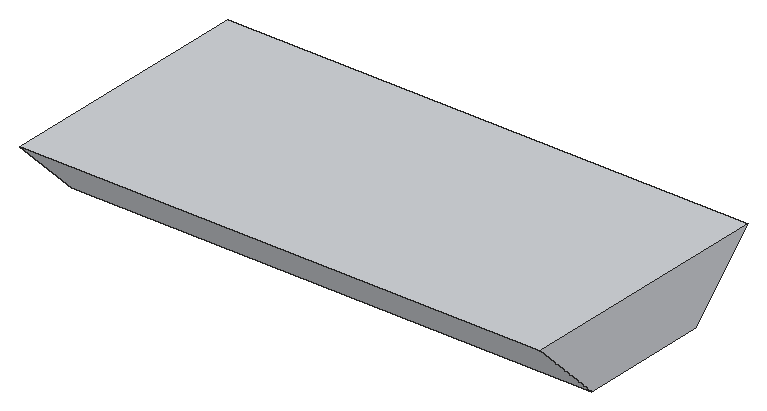
Revit family "cbdec9efa2ab44168ee4ab506c276e4b", category Lighting Fixtures, host Face, Revit 2021
Family settings
  Host = Face
  Round Connector Dimension = Use Diameter
  Part Type = Normal
  OmniClass Number = 23.80.70.11.11
  OmniClass Title = General Luminaries, Non Directional
  Seek Item ID = Recessed Lighting Fixture - Two Ballast-0000-USA-ENU
  Cut with Voids When Loaded = No
  Light Source = Yes
  Shared = No
  Room Calculation Point = No
Parameters (values of type "2'x4'(3 Lamp) - 277V")
  Wattage = 96 W
  built-in parameter 1150110 = 1 (stored number, unit not read)
  built-in parameter 1150109 = 1 (stored number, unit not read)
  built-in parameter 1150134 = 8
  built-in parameter 1150113 = 1 (stored number, unit not read)
  Tilt Angle = -90.00°
  built-in parameter 1150115 = 1 (stored number, unit not read)
  built-in parameter 1150105 = 680.37 (stored number, unit not read)
  Load Classification = Lighting - Dwelling Unit
  built-in parameter 1150137 = 1
  built-in parameter 1150139 = (empty or 0)
  built-in parameter 1150112 = 1 (stored number, unit not read)
  built-in parameter 1150114 = 1 (stored number, unit not read)
  built-in parameter 1150132 = (empty or 0)
  built-in parameter 1150102 = (empty or 0)
  built-in parameter 1150138 = (empty or 0)
  built-in parameter 1150107 = 4230 (stored number, unit not read)
  built-in parameter 1150106 = 6.8037 (stored number, unit not read)
  Emit from Rectangle Width = Box Width  # 2' - 0"
  Emit from Rectangle Length = Box Length  # 4' - 0"
  Emit Shape Visible in Rendering = no
  built-in parameter 1150104 = 8.2739 (stored number, unit not read)
  Dimming Lamp Color Temperature Shift = <None>
  Color Filter = 16777215
  Box Width = 2' - 0"
  Lumens = 8549.76 lm
  built-in parameter 1114217 = 0.88 (stored number, unit not read)
  Box Length = 4' - 0"
  Photometric Web File = "2x43A12.ies"
  Box Height = 0' - 6"
  Default Elevation = 4' - 0"
  built-in parameter 1140040 [instance] = 1
  Ballast Voltage = 277 V
  Ballast Number of Poles = 1
  built-in parameter 1114218 = 0.88 (stored number, unit not read)
  built-in parameter 1150133 = 10 (stored number, unit not read)
  Assembly Code = ""
  Apparent Load = 96 VA
Types (8): name | Wattage | built-in parameter 1150105 | built-in parameter 1150106 | Emit from Rectangle Width | Emit from Rectangle Length | built-in parameter 1150104 | Box Width | Lumens | Box Length | Photometric Web File | Ballast Voltage | Apparent Load
  1'x4'(2 Lamp) - 120V | 64 W | 453.58 (stored number, unit not read) | 4.5358 (stored number, unit not read) | 1' - 0" | 4' - 0" | 8.2739 (stored number, unit not read) | 1' - 0" | 5699.84 lm | 4' - 0" | "1x42A12.ies" | 120 V | 64 VA
  1'x4'(2 Lamp) - 277V | 64 W | 453.58 (stored number, unit not read) | 4.5358 (stored number, unit not read) | 1' - 0" | 4' - 0" | 8.2739 (stored number, unit not read) | 1' - 0" | 5699.84 lm | 4' - 0" | "1x42A12.ies" | 277 V | 64 VA
  20"x4'(2 Lamp) - 120V | 64 W | 453.58 (stored number, unit not read) | 4.5358 (stored number, unit not read) | 1' - 8" | 4' - 0" | 8.2739 (stored number, unit not read) | 1' - 8" | 5699.84 lm | 4' - 0" | "20x42A12.ies" | 120 V | 64 VA
  20"x4'(2 Lamp) - 277V | 64 W | 453.58 (stored number, unit not read) | 4.5358 (stored number, unit not read) | 1' - 8" | 4' - 0" | 8.2739 (stored number, unit not read) | 1' - 8" | 5699.84 lm | 4' - 0" | "20x42A12.ies" | 277 V | 64 VA
  2'x2'(2 Lamp) - 120V | 62 W | 413.8 (stored number, unit not read) | 4.138 (stored number, unit not read) | 2' - 0" | 2' - 0" | 7.7918 (stored number, unit not read) | 2' - 0" | 5199.94 lm | 2' - 0" | "2x22UA12.ies" | 120 V | 62 VA
  2'x2'(2 Lamp) - 277V | 62 W | 413.8 (stored number, unit not read) | 4.138 (stored number, unit not read) | 2' - 0" | 2' - 0" | 7.7918 (stored number, unit not read) | 2' - 0" | 5199.94 lm | 2' - 0" | "2x22UA12.ies" | 277 V | 62 VA
  2'x4'(3 Lamp) - 120V | 96 W | 680.37 (stored number, unit not read) | 6.8037 (stored number, unit not read) | 2' - 0" | 4' - 0" | 8.2739 (stored number, unit not read) | 2' - 0" | 8549.76 lm | 4' - 0" | "2x43A12.ies" | 120 V | 96 VA
  2'x4'(3 Lamp) - 277V | 96 W | 680.37 (stored number, unit not read) | 6.8037 (stored number, unit not read) | 2' - 0" | 4' - 0" | 8.2739 (stored number, unit not read) | 2' - 0" | 8549.76 lm | 4' - 0" | "2x43A12.ies" | 277 V | 96 VA
Reference planes (in)
  plane 1 "Center (Front/Back)": y = 0
  plane 2: z = 0
  plane 3 "Center (Left/Right)": x = 0
  plane 4: x = 48
  plane 5: y = -24
  plane 6: z = -6
  plane 7: x = 24
  plane 8: y = -12
Forms (in)
  Extrusion 1, solid, detail levels fine
    sketch origin (0, -34.92492, 0) x (1, 0, 0) y (0, 1, 0)
      loop
        line (0, 34.92492) -> (0, 10.92492) -> (48, 10.92492) -> (48, 34.92492) -> (0, 34.92492)
    from 0 to -6
  Extrusion 2, void
    sketch origin (0, 0, 0) x (0, 1, 0) y (0, 0, 1)
      loop
        line (-24, 0) -> (-24, -6) -> (-18, -6) -> (-24, 0)
    from 50.7073 to -6
  Extrusion 3, void
    sketch origin (0, -12, 0) x (0, -1, 0) y (0, 0, -1)
      loop
        line (-12, 0) -> (-6, 6) -> (-12, 6) -> (-12, 0)
    from 50.7073 to -6
  Extrusion 4, solid, detail levels coarse+medium
    sketch origin (0, 0, 0) x (1, 0, 0) y (0, 1, 0)
      loop
        line (0, 0) -> (0, -24) -> (48, -24) -> (48, 0) -> (0, 0)
    from 0 to -6
  Extrusion 5, solid, detail levels coarse+medium
    sketch origin (0, 0, 0) x (1, 0, 0) y (0, 1, 0)
      loop
        line (0, 0) -> (0, -24) -> (24, -24) -> (24, 0) -> (0, 0)
    from 0 to -6
  Extrusion 6, solid, detail levels coarse+medium
    sketch origin (0, 0, 0) x (1, 0, 0) y (0, 1, 0)
      loop
        line (24, 0) -> (24, -24) -> (48, -24) -> (48, 0) -> (24, 0)
    from 0 to -6
Cuts and joins
  Extrusion 2, Extrusion 3 cuts Extrusion 1
  joined: Extrusion 5, Extrusion 6
Lines and regions (in)
  symbolic lines
    curve 1: line (0, 0, 0) -> (48, 0, 0)
    curve 2: line (48, 0, 0) -> (48, -24, 0)
    curve 3: line (48, -24, 0) -> (0, -24, 0)
    curve 4: line (0, -24, 0) -> (0, 0, 0)
    curve 5: line (0, 0, 0) -> (48, -24, 0)
Dimensions and locks (in)
  "Box Length": plane 3 "Center (Left/Right)" to plane 4
  "Box Width": plane 5 to plane 1 "Center (Front/Back)"
  "Box Height": host face to plane 6
  "Box Height": Extrusion 2 sketch curve to Extrusion 2 sketch curve  (x2)
  "Box Height": Extrusion 3 sketch curve to Extrusion 3 sketch curve  (x2)
  equal spacing: plane 3 "Center (Left/Right)", plane 7, plane 4
  equal spacing: plane 5, plane 8, plane 1 "Center (Front/Back)"
  aligned and locked: host face to plane 2
  aligned and locked: host face to level
  aligned and locked: plane 3 "Center (Left/Right)" to Extrusion 1 sketch curve
  aligned and locked: plane 1 "Center (Front/Back)" to Extrusion 1 sketch curve
  aligned and locked: plane 5 to Extrusion 1 sketch curve
  aligned and locked: Extrusion 1 sketch curve to plane 4
  aligned and locked: Extrusion 1 to plane 6
  aligned and locked: plane 5 to Extrusion 1
  aligned and locked: plane 6 to Extrusion 2 sketch curve
  aligned and locked: plane 5 to Extrusion 2 sketch curve
  aligned and locked: Extrusion 4 to plane 1 "Center (Front/Back)"
  aligned and locked: Extrusion 4 to plane 3 "Center (Left/Right)"  (x2)
  aligned and locked: plane 4 to Extrusion 4
  aligned and locked: Extrusion 4 to plane 5
  aligned and locked: plane 4 to cut or joined group of Extrusion 1, Extrusion 2, Extrusion 3
  aligned and locked: cut or joined group of Extrusion 1, Extrusion 2, Extrusion 3 to plane 3 "Center (Left/Right)"
  aligned and locked: plane 3 "Center (Left/Right)" to curve 4
  aligned and locked: plane 3 "Center (Left/Right)" to curve 5
  aligned and locked: plane 4 to curve 5
  aligned and locked: curve 2 to plane 4
  aligned and locked: plane 5 to curve 3
  aligned and locked: plane 1 "Center (Front/Back)" to curve 1
  aligned and locked: plane 1 "Center (Front/Back)" to Extrusion 5 sketch curve
  aligned and locked: plane 5 to Extrusion 5 sketch curve
  aligned and locked: plane 3 "Center (Left/Right)" to Extrusion 5 sketch curve
  aligned and locked: Extrusion 5 sketch curve to plane 7
  aligned and locked: Extrusion 5 to plane 2
  aligned and locked: Extrusion 5 to plane 6
  aligned and locked: plane 1 "Center (Front/Back)" to Extrusion 6 sketch curve
  aligned and locked: plane 7 to Extrusion 6 sketch curve
  aligned and locked: plane 5 to Extrusion 6 sketch curve
  aligned and locked: Extrusion 6 sketch curve to plane 4
  aligned and locked: plane 2 to Extrusion 6
  aligned and locked: Extrusion 6 to plane 6
  aligned and locked: plane 2 to imposter light
  aligned and locked: plane 7 to imposter light
  aligned and locked: plane 8 to imposter light
Automatic sketch dimensions
  Extrusion 3 sketch curve to plane 1 "Center (Front/Back)" = 0' - 0"
  Extrusion 3 sketch curve to plane 6 = 0' - 0"
  Extrusion 4 sketch curve to plane 3 "Center (Left/Right)" = 0' - 0"
  Extrusion 4 sketch curve to plane 5 = 0' - 0"
  Extrusion 4 sketch curve to plane 1 "Center (Front/Back)" = 0' - 0"
  Extrusion 4 sketch curve to plane 4 = 0' - 0"
  host sketch curve to host sketch curve = 14' - 7.83112"
  host sketch curve to host sketch curve = 14' - 9.40654"
Connectors (in)
  electrical at (36, -12, -6), driven by "Apparent Load", driven by "Ballast Voltage", driven by "Ballast Number of Poles", driven by "Load Classification"
    settings: on Extrusion 6, index 1, voltage 277 V, apparent load 0 VA, apparent load phase1 96 VA, apparent load phase2 0 VA, apparent load phase3 0 VA, power factor 0.95, load classification "Lighting - Dwelling Unit", number of poles 1, system type 31, power factor state 1, is connector primary yes, connector utility no, sub classification motor no, connector description ""
  electrical at (12, -12, -6), driven by "Apparent Load", driven by "Ballast Voltage", driven by "Ballast Number of Poles", driven by "Load Classification"
    settings: on Extrusion 5, index 2, voltage 277 V, apparent load 0 VA, apparent load phase1 96 VA, apparent load phase2 0 VA, apparent load phase3 0 VA, power factor 0.95, load classification "Lighting - Dwelling Unit", number of poles 1, system type 31, power factor state 1, is connector primary no, connector utility no, sub classification motor no, connector description ""
